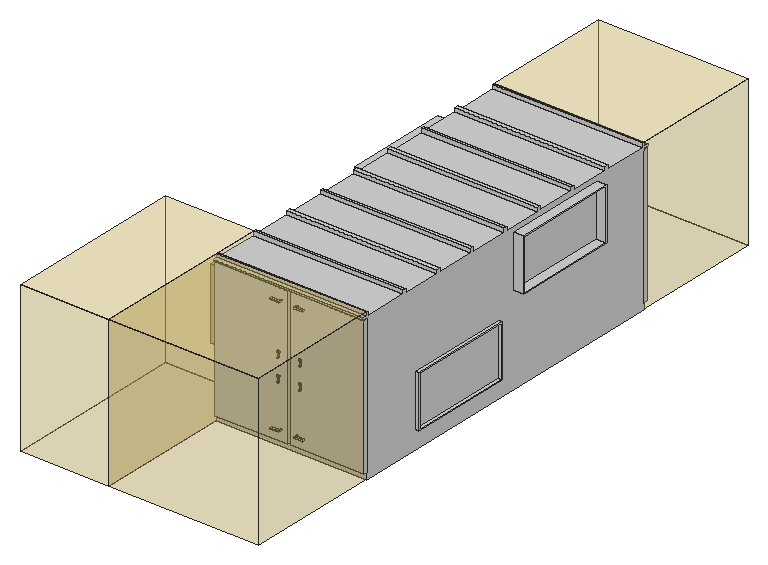
Revit family "Ventilator-RenewAire-Energy-Recovery-LE8XINV", category Mechanical Equipment, Revit 2015
Parameters (values of type "3.0 HP 208-230V Single Phase")
  Voltage = "208-230"
  Ventilation Type = "Static Plate, Heat and Humidity Transfer"
  Unit Width = "165\""
  Unit Weight - Modular = "918-1,984 lbs."
  Unit Weight - Assembled = "2,495-3,295 lbs."
  Unit Length = "81-1/2\""
  Unit Height = "71-1/4\""
  Unit = Metal - RenewAire - Anodized - Gray Text
  URL = "www.renewaire.com"
  Typical Airflow Range = "2,000 - 8,800 CFM"
  Standard Features = "TEFC Premium efficiency motors, Motor starters, Non-fused disconnect, 24 VAC transformer/relay package"
  Shipping Weight - Assembled = "3,654 lbs."
  Service Area Visibility = yes
  Service Area Box = Interference - RenewAire - Smooth - Light - Gold
  Revit Object Download Link = ""
  Phase = "Single"
  Options = "Integrated programmable controls, Fused disconnect, Double wall construction, Factory supplied and mounted variable frequency drives (VFDs) - one or both airstreams, Class 1 low-leakage motorized isolation dampers - OA, RA or both airstreams, Qty. 2 Factory mounted filter alarms, Exterior Paint - white, custom colors, Spring Vibration Isolators"
  Number Motors = "Qty. 2, Belt drive blower/ standard motor packages with choice of adjustable sheaves for low, medium or high blower speed"
  Model = "LE8XINV"
  Minimum Circuit Amps = "33.1 A"
  Maximum Overcurrent Protection = "40 A"
  Max. Shipping Height - Modular = "78\""
  Max. Shipping Width - Assembled = "90\""
  Max. Shipping Weight - Module 2 = "1,493 lbs."
  Max. Shipping Weight - Module 1 = "2,164 lbs."
  Max. Shipping Width - Modular = "90\""
  Max. Shipping Length - Assembled = "200\""
  Max. Shipping Length - Modular = "100\""
  Max. Shipping Height - Assembled = "78\""
  Manufacturer = "RenewAire LLC"
  Frequency = "60 HZ"
  FLA per Motor = "14.7 - 14"
  Description = "Energy Recovery Ventilator"
  Connector Base Material = Glass - With - Transparency
  Accessories = "Filters - MERV 13, 2\" or 4\"; MERV 8, 4\"  (shipped loose), Digital time clock - wall mount(TC7D-W), in exterior enclosure (TC7D-E), Motion occupancy control - ceiling mount(MC-C), wall mount(MC-W), Carbon Dioxide control - duct mount(CO2-D), wall mount (CO2-W), Electric duct heater – EK series (1-60 kW), EH series (61-175 kW), Indirect gas-fired duct furnace - GH series (50-400 MBH), installed downstream of any fans"
  AHRI 1060 Certified Core = "Eight L125-G5"
Types (11): name | Voltage | Phase | Minimum Circuit Amps | Maximum Overcurrent Protection | Max. Shipping Length - Assembled | Max. Shipping Length - Modular | FLA per Motor
  (no name) | "208-230" | "Single" | "33.1 A" | "40 A" | "200\"" | "100\"" | "14.7 - 14"
  3.0 HP 208-230V Single Phase | "208-230" | "Single" | "33.1 A" | "40 A" | "200\"" | "100\"" | "14.7 - 14"
  3.0 HP 208-230V Three Phase | "208-230" | "Three" | "21.1 A" | "25 A" | "200\"" | "100\"" | "9.38-8.48"
  3.0 HP 460V Three Phase | "460" | "Three" | "9.5 A" | "15 A" | "200\"" | "100\"" | "4.24"
  3.0 HP 575V Three Phase | "575" | "Three" | "7.4 A" | "15 A" | "200\"" | "100\"" | "3.3"
  5.0 HP 208-230V Three Phase | "208-230" | "Three" | "32.6 A" | "45 A" | "200\"" | "100\"" | "14.5-13.4"
  5.0 HP 460V Three Phase | "460" | "Three" | "15.1 A" | "20 A" | "200\"" | "100\"" | "6.7"
  5.0 HP 575V Three Phase | "575" | "Three" | "11.9 A" | "15 A" | "200\"" | "100\"" | "5.3"
  7.5 HP 208-230V Three Phase | "208-230" | "Three" | "47.3 A" | "60 A" | "160\"" | "200\"" | "21.0-19.0"
  7.5 HP 460V Three Phase | "460" | "Three" | "21.4 A" | "25 A" | "200\"" | "100\"" | "9.5"
  7.5 HP 575V Three Phase | "575" | "Three" | "17.1 A" | "20 A" | "200\"" | "100\"" | "7.6"
Reference planes (in)
  plane 1 "Center (Front/Back)": y = 0
  plane 2: z = 0
  plane 3 "Center (Left/Right)": x = 0
Forms (in)
  Extrusion 1, solid, material "Metal - RenewAire - Anodized - Gray Text"
    sketch origin (-0.48313, -25.9375, 75.0345) x (1, 0, 0) y (0, 0, -1)
      loop
        circle (-3.25, 67.0345) r 0.25
    from -56.3125 to -55.5625
  Extrusion 2, solid, material "Metal - RenewAire - Anodized - Gray Text"
    sketch origin (-0.48313, -25.9375, 75.0345) x (0, 1, 0) y (0, 0, -1)
      loop
        line (-56.3125, 67.2845) -> (-57.1875, 67.2845) -> (-57.1875, 66.7845) -> (-56.3125, 66.7845) -> (-56.3125, 67.2845)
    from 2.95437 to 7.02735
  Extrusion 3, solid, material "Metal - RenewAire - Anodized - Gray Text"
    sketch origin (-0.4375, -25.9375, 128.569) x (1, 0, 0) y (0, 0, -1)
      loop
        circle (-3.25, 67.0345) r 0.25
    from -56.3125 to -55.5625
  Extrusion 4, solid, material "Metal - RenewAire - Anodized - Gray Text"
    sketch origin (-0.48313, -25.9375, 128.569) x (0, 1, 0) y (0, 0, -1)
      loop
        line (-56.3125, 67.2845) -> (-57.1875, 67.2845) -> (-57.1875, 66.7845) -> (-56.3125, 66.7845) -> (-56.3125, 67.2845)
    from 2.95437 to 7.02735
  Extrusion 5, solid, material "Interference - RenewAire - Smooth - Light - Gold", visible <- "Service Area Visibility"
    sketch origin (19.25, -20, 0) x (1, 0, 0) y (0, 1, 0)
      loop
        line (-53.8125, -38.125) -> (-94.8125, -38.125) -> (-94.8125, -122.25) -> (-53.8125, -122.25) -> (-53.8125, -38.125)
    from 0 to 69.25
  Extrusion 6, solid, material "Interference - RenewAire - Smooth - Light - Gold", visible <- "Service Area Visibility"
    sketch origin (0, -65.75, 0) x (1, 0, 0) y (0, 1, 0)
      loop
        line (34.5625, -14.25) -> (-34.5625, -14.25) -> (-34.5625, -76.5) -> (34.5625, -76.5) -> (34.5625, -14.25)
    from 0 to 69.25
  Extrusion 7, solid, material "Metal - RenewAire - Anodized - Gray Text"
    sketch origin (0, 0, 0) x (0, 1, 0) y (0, 0, 1)
      loop
        line (79.25, 67.5) -> (58.95, 67.5) -> (58.95, 69.25) -> (57.45, 69.25) -> (57.45, 67.5) -> (39.55, 67.5) -> (39.55, 69.25) -> (38.05, 69.25) -> (38.05, 67.5) -> (20.15, 67.5) -> (20.15, 69.25) -> (18.65, 69.25) -> (18.65, 67.5) -> (0.75, 67.5) -> (0.75, 69.25) -> (-0.75, 69.25) -> (-0.75, 67.5) -> (-18.65, 67.5) -> (-18.65, 69.25) -> (-20.15, 69.25) -> (-20.15, 67.5) -> (-38.05, 67.5) -> (-38.05, 69.25) -> (-39.55, 69.25) -> (-39.55, 67.5) -> (-57.45, 67.5) -> (-57.45, 69.25) -> (-58.95, 69.25) -> (-58.95, 67.5) -> (-79.25, 67.5) -> (-79.25, 69.25) -> (-80, 69.25) -> (-80, 67.75) -> (-82, 67.75) -> (-82, 67) -> (-80, 67) -> (-80, 0) -> (80, 0) -> (80, 67) -> (82, 67) -> (82, 67.75) -> (80, 67.75) -> (80, 69.25) -> (79.25, 69.25) -> (79.25, 67.5)
    from -34.5625 to 34.5625
  Extrusion 8, solid, material "Interference - RenewAire - Smooth - Light - Gold", visible <- "Service Area Visibility"
    sketch origin (0, -12.65268, 0) x (1, 0, 0) y (0, 1, 0)
      loop
        line (34.5625, 152.90268) -> (-34.5625, 152.90268) -> (-34.5625, 92.65268) -> (34.5625, 92.65268) -> (34.5625, 152.90268)
    from 0 to 69.25
  Extrusion 9, solid, material "Metal - RenewAire - Anodized - Gray Text"
    sketch origin (0, 0, 0) x (1, 0, 0) y (0, 0, 1)
      loop
        line (-34.5625, 66.5) -> (-34.5625, 3) -> (-0.5625, 3) -> (-0.5625, 66.5) -> (-34.5625, 66.5)
    from 80 to 81.5
  Extrusion 10, solid, material "Metal - RenewAire - Anodized - Gray Text"
    sketch origin (-6.80202, 0, 0) x (1, 0, 0) y (0, 0, 1)
      loop
        line (7.36452, 66.5) -> (7.36452, 3) -> (41.36452, 3) -> (41.36452, 66.5) -> (7.36452, 66.5)
    from 80 to 81.5
  Extrusion 11, solid, material "Metal - RenewAire - Anodized - Gray Text"
    sketch origin (0, 0, 0) x (1, 0, 0) y (0, 0, 1)
      loop
        line (-34.5625, 66.5) -> (-34.5625, 3) -> (-0.5625, 3) -> (-0.5625, 66.5) -> (-34.5625, 66.5)
    from -81.5 to -80
  Extrusion 12, solid, material "Metal - RenewAire - Anodized - Gray Text"
    sketch origin (-6.80202, 0, 0) x (1, 0, 0) y (0, 0, 1)
      loop
        line (7.36452, 66.5) -> (7.36452, 3) -> (41.36452, 3) -> (41.36452, 66.5) -> (7.36452, 66.5)
    from -81.5 to -80
  Extrusion 13, solid, material "Metal - RenewAire - Anodized - Gray Text"
    sketch origin (0, -20, 0) x (0, 1, 0) y (0, 0, 1)
      loop
        line (-38.125, 62) -> (-57.5, 62) -> (-57.5, 29.625) -> (-38.125, 29.625) -> (-38.125, 62)
    from -39.5625 to -34.5625
  Extrusion 14, solid, material "Metal - RenewAire - Anodized - Gray Text"
    sketch origin (0, -20, 0) x (0, 1, 0) y (0, 0, 1)
      loop
        line (-49, 43.625) -> (-51.5, 43.625) -> (-51.5, 41.125) -> (-49, 41.125) -> (-49, 43.625)
    from -39.8125 to -39.5625
  Extrusion 15, solid, material "Metal - RenewAire - Anodized - Gray Text"
    sketch origin (0, -20, 0) x (0, 1, 0) y (0, 0, 1)
      loop
        circle (-50.24745, 42.375) r 1
    from -40.8125 to -39.8125
  Extrusion 16, solid, material "Metal - RenewAire - Anodized - Gray Text"
    sketch origin (0.48313, -25.9375, 75.0345) x (-1, 0, 0) y (0, 0, 1)
      loop
        circle (-3.25, -67.0345) r 0.25
    from -56.3125 to -55.5625
  Extrusion 17, solid, material "Metal - RenewAire - Anodized - Gray Text"
    sketch origin (0.48313, -25.9375, 75.0345) x (0, 1, 0) y (0, 0, 1)
      loop
        line (-56.3125, -67.2845) -> (-56.3125, -66.7845) -> (-57.1875, -66.7845) -> (-57.1875, -67.2845) -> (-56.3125, -67.2845)
    from 2.95437 to 7.02735
  Extrusion 18, solid, material "Metal - RenewAire - Anodized - Gray Text"
    sketch origin (0.4375, -25.9375, 128.569) x (-1, 0, 0) y (0, 0, 1)
      loop
        circle (-3.25, -67.0345) r 0.25
    from -56.3125 to -55.5625
  Extrusion 19, solid, material "Metal - RenewAire - Anodized - Gray Text"
    sketch origin (0.48313, -25.9375, 128.569) x (0, 1, 0) y (0, 0, 1)
      loop
        line (-56.3125, -67.2845) -> (-56.3125, -66.7845) -> (-57.1875, -66.7845) -> (-57.1875, -67.2845) -> (-56.3125, -67.2845)
    from 2.95437 to 7.02735
  Extrusion 20, solid, material "Metal - RenewAire - Anodized - Gray Text"
    sketch origin (-0.48313, 25.9375, 75.0345) x (1, 0, 0) y (0, 0, 1)
      loop
        circle (-3.25, -67.0345) r 0.25
    from -56.3125 to -55.5625
  Extrusion 21, solid, material "Metal - RenewAire - Anodized - Gray Text"
    sketch origin (-0.48313, 25.9375, 75.0345) x (0, -1, 0) y (0, 0, 1)
      loop
        line (-56.3125, -67.2845) -> (-56.3125, -66.7845) -> (-57.1875, -66.7845) -> (-57.1875, -67.2845) -> (-56.3125, -67.2845)
    from 2.95437 to 7.02735
  Extrusion 22, solid, material "Metal - RenewAire - Anodized - Gray Text"
    sketch origin (-0.4375, 25.9375, 128.569) x (1, 0, 0) y (0, 0, 1)
      loop
        circle (-3.25, -67.0345) r 0.25
    from -56.3125 to -55.5625
  Extrusion 23, solid, material "Metal - RenewAire - Anodized - Gray Text"
    sketch origin (-0.48313, 25.9375, 128.569) x (0, -1, 0) y (0, 0, 1)
      loop
        line (-56.3125, -67.2845) -> (-56.3125, -66.7845) -> (-57.1875, -66.7845) -> (-57.1875, -67.2845) -> (-56.3125, -67.2845)
    from 2.95437 to 7.02735
  Extrusion 24, solid, material "Metal - RenewAire - Anodized - Gray Text"
    sketch origin (0.48313, 25.9375, 75.0345) x (-1, 0, 0) y (0, 0, -1)
      loop
        circle (-3.25, 67.0345) r 0.25
    from -56.3125 to -55.5625
  Extrusion 25, solid, material "Metal - RenewAire - Anodized - Gray Text"
    sketch origin (0.48313, 25.9375, 75.0345) x (0, -1, 0) y (0, 0, -1)
      loop
        line (-56.3125, 67.2845) -> (-57.1875, 67.2845) -> (-57.1875, 66.7845) -> (-56.3125, 66.7845) -> (-56.3125, 67.2845)
    from 2.95437 to 7.02735
  Extrusion 26, solid, material "Metal - RenewAire - Anodized - Gray Text"
    sketch origin (0.4375, 25.9375, 128.569) x (-1, 0, 0) y (0, 0, -1)
      loop
        circle (-3.25, 67.0345) r 0.25
    from -56.3125 to -55.5625
  Extrusion 27, solid, material "Metal - RenewAire - Anodized - Gray Text"
    sketch origin (0.48313, 25.9375, 128.569) x (0, -1, 0) y (0, 0, -1)
      loop
        line (-56.3125, 67.2845) -> (-57.1875, 67.2845) -> (-57.1875, 66.7845) -> (-56.3125, 66.7845) -> (-56.3125, 67.2845)
    from 2.95437 to 7.02735
  Extrusion 28, solid, material "Metal - RenewAire - Anodized - Gray Text"
    sketch origin (0, 0, 0) x (0, 1, 0) y (0, 0, 1)
      loop
        line (53.75, 65.75) -> (5.75, 65.75) -> (5.75, 41.75) -> (53.75, 41.75) -> (53.75, 65.75)
      loop
        line (53.5, 65.5) -> (6, 65.5) -> (6, 42) -> (53.5, 42) -> (53.5, 65.5)
    from -39.5625 to -34.5625
  Extrusion 29, solid, material "Metal - RenewAire - Anodized - Gray Text"
    sketch origin (0, 0, 0) x (0, 1, 0) y (0, 0, 1)
      loop
        line (-5.75, 32.875) -> (-53.75, 32.875) -> (-53.75, 8.875) -> (-5.75, 8.875) -> (-5.75, 32.875)
      loop
        line (-6, 32.625) -> (-53.5, 32.625) -> (-53.5, 9.125) -> (-6, 9.125) -> (-6, 32.625)
    from -36.5625 to -34.5625
  Extrusion 30, solid, material "Metal - RenewAire - Anodized - Gray Text"
    sketch origin (0, 0, 0) x (0, 1, 0) y (0, 0, 1)
      loop
        line (4.25, 65.5) -> (4.25, 41.5) -> (52.25, 41.5) -> (52.25, 65.5) -> (4.25, 65.5)
      loop
        line (4.5, 65.25) -> (4.5, 41.75) -> (52, 41.75) -> (52, 65.25) -> (4.5, 65.25)
    from 34.5625 to 39.5625
  Extrusion 31, solid, material "Metal - RenewAire - Anodized - Gray Text"
    sketch origin (0, 0, 0) x (0, 1, 0) y (0, 0, 1)
      loop
        line (-52.25, 32.75) -> (-52.25, 8.75) -> (-4.25, 8.75) -> (-4.25, 32.75) -> (-52.25, 32.75)
      loop
        line (-52, 32.5) -> (-52, 9) -> (-4.5, 9) -> (-4.5, 32.5) -> (-52, 32.5)
    from 34.5625 to 36.5625
Dimensions and locks (in)
  aligned and locked: level to plane 2
Nested families (in)
  nested 1: "Monitoring Port" at (-5.0625, -81.5, 27.071), type "Monitoring Port"
  nested 2: "Monitoring Port" at (-5.0625, -81.5, 37.1055), type "Monitoring Port"
  nested 3: "Monitoring Port" at (5.0625, -81.5, 27.071) x (-1, 0, 0) z (0, 0, 1), type "Monitoring Port"
  nested 4: "Monitoring Port" at (5.0625, -81.5, 37.1055) x (-1, 0, 0) z (0, 0, 1), type "Monitoring Port"
  nested 5: "Monitoring Port" at (-5.0625, 81.5, 27.071), type "Monitoring Port"
  nested 6: "Monitoring Port" at (-5.0625, 81.5, 37.1055), type "Monitoring Port"
  nested 7: "Monitoring Port" at (5.0625, 81.5, 27.071) x (-1, 0, 0) z (0, 0, 1), type "Monitoring Port"
  nested 8: "Monitoring Port" at (5.0625, 81.5, 37.1055) x (-1, 0, 0) z (0, 0, 1), type "Monitoring Port"
Connectors (in)
  hvac at (39.5625, 28.25, 53.5)
    settings: on Extrusion 30, index 1, duct flow 0 CFM, flow factor 0, pres drop 0.00 in-wg, loss coef 0, conn angle 0.00°, conn width 48", conn height 24", conn diameter 24", duct sys type 1, conn prof type 1, flow config 0, flow direction 1, loss method 0, conn ref index -1, conn util no, is conn primary yes, conn desc "OA (Outside Air)"
  hvac at (36.5625, -28.25, 20.75)
    settings: on Extrusion 31, index 2, duct flow 0 CFM, flow factor 0, pres drop 0.00 in-wg, loss coef 0, conn angle 0.00°, conn width 48", conn height 24", conn diameter 24", duct sys type 3, conn prof type 1, flow config 0, flow direction 2, loss method 0, conn ref index -1, conn util no, is conn primary no, conn desc "EA (Exhaust Air)"
  hvac at (-36.5625, -29.75, 20.875)
    settings: on Extrusion 29, index 3, duct flow 0 CFM, flow factor 0, pres drop 0.00 in-wg, loss coef 0, conn angle 0.00°, conn width 48", conn height 24", conn diameter 24", duct sys type 1, conn prof type 1, flow config 0, flow direction 2, loss method 0, conn ref index -1, conn util no, is conn primary no, conn desc "FA (Fresh Air)"
  hvac at (-39.5625, 29.75, 53.75)
    settings: on Extrusion 28, index 4, duct flow 0 CFM, flow factor 0, pres drop 0.00 in-wg, loss coef 0, conn angle 0.00°, conn width 48", conn height 24", conn diameter 24", duct sys type 2, conn prof type 1, flow config 0, flow direction 1, loss method 0, conn ref index -1, conn util no, is conn primary no, conn desc "RA (Return Air)"
Definition of nested family "Monitoring Port"
  Parameters (values of type "Monitoring Port")
    URL = "www.renewaire.com"
    Revit Object Download Link = ""
    Model = ""
    Manufacturer = "RenewAire LLC"
    Description = "Monitoring Ports"
  Reference planes (in)
    plane 1 "Center (Front/Back)": y = 0
    plane 2: z = 0
    plane 3 "Center (Left/Right)": x = 0
  Forms (in)
    Extrusion 1, solid
      sketch origin (-9.43348, 0, 37.76669) x (-1, 0, 0) y (0, 0, -1)
        loop
          line (-9.53348, 35.65895) -> (-9.94097, 35.42369) -> (-9.94097, 34.83769) -> (-9.43348, 34.54469) -> (-8.92599, 34.83769) -> (-8.92599, 35.42369) -> (-9.33348, 35.65895) -> (-9.33348, 37.28756)
          arc (-9.33348, 37.28756) -> (-9.43348, 37.76669) -> (-9.53348, 37.28756) r 0.25
          line (-9.53348, 37.28756) -> (-9.53348, 35.65895)
      from 0 to 0.25
  Dimensions and locks (in)
    aligned and locked: level to plane 2
